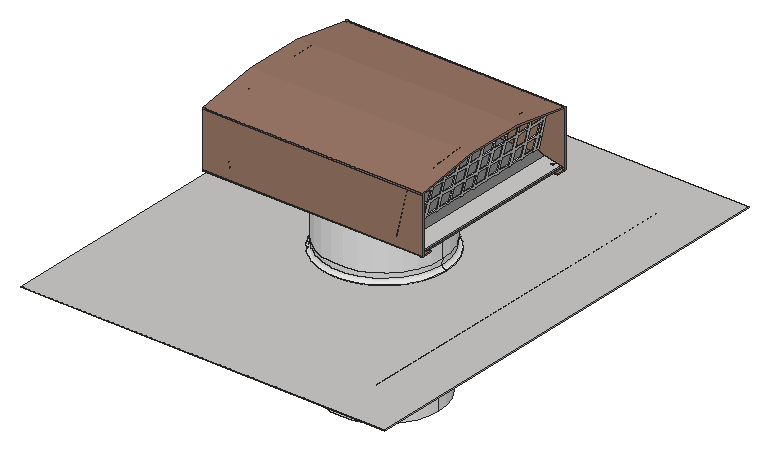
Revit family "HVAC-Other- ANJOS Ventilation-CTM 125", category Air Terminals, Revit 2024
Family settings
  Round Connector Dimension = Use Diameter
  Part Type = Normal
  Work Plane-Based = No
  Always vertical = Yes
  Cut with Voids When Loaded = No
  Maintain Annotation Orientation = No
  Shared = No
  Room Calculation Point = No
Parameters (values of type "125mm dia Terracotta Roof Terminal")
  URL = "http://www.airflow.com/"
  Part number = "90001356"
  Pressure = 100.0 Pa
  Product name = "125mm Terracotta Roof Terminal"
  Manufacturer's name = "Airflow"
  Model = "125mm Terracotta Roof Terminal"
  Product URL link = "https://www.airflow.com/product/roof-cowls-and-slates/90001356"
  Manufacturer's URL link = "http://www.airflow.com"
  Installation instructions URL link = "https://www.airflow.com/product/roof-cowls-and-slates/90001356"
  Roof height (mm) = "140"  # constant formula
  Cap height (mm) = "82"  # constant formula
  Manufacturer = "Airflow"
  Manufacturer email = "info@airflow.com"
  Material 4 = ANJ010016 4
  Materiall 3 = ANJ010016 3
  Material 2 = ANJ010016 2
  Material 1 = ANJ010016 1
  Extract air flow at 20 Pa (m3/h) = "295"  # constant formula
  Supply air flow at 20 Pa (m3/h) = "160"  # constant formula
  Flow rate = 44.44 L/s
  Lead dimensions (mm) = "500x400"  # constant formula
  Cap dimensions (mm) = "200x250"  # constant formula
  Connection diameter = 125 mm  # constant formula
  Default Elevation = 0 mm
Types (3, lengths in mm): name | URL | Part number | Product name | Model | Product URL link | Manufacturer's URL link | Installation instructions URL link | Materiall 3
  (no name) | "http://www.airflow.com/" | "90001356" | "125mm Terracotta Roof Terminal" | "125mm Terracotta Roof Terminal" | "https://www.airflow.com/product/roof-cowls-and-slates/90001356" | "http://www.airflow.com" | "https://www.airflow.com/product/roof-cowls-and-slates/90001356" | ANJ010016 3
  125mm dia Terracotta Roof Terminal | "http://www.airflow.com/" | "90001356" | "125mm Terracotta Roof Terminal" | "125mm Terracotta Roof Terminal" | "https://www.airflow.com/product/roof-cowls-and-slates/90001356" | "http://www.airflow.com" | "https://www.airflow.com/product/roof-cowls-and-slates/90001356" | ANJ010016 3
  125mm dia Slate Roof Terminal | "http://wwwairflow.com/" | "90001355" | "125mm Slate Roof Terminal" | "125mm Slate Roof Terrminal" | "https://www.airflow.com/product/roof-cowls-and-slates/90001355" | "http://wwwairflow.com/" | "https://www.airflow.com/product/roof-cowls-and-slates/90001355" | ANJ010016 3'
Reference planes
  plane 1 "Center (Front/Back)": y = 0
  plane 2: z = 0
  plane 3 "Center (Left/Right)": x = 0
Forms (mm)
  Revolve 1, solid, material "ANJ010016 1" <- "Material 1"
    sketch origin (0, 0, 231.331) x (1, 0, 0) y (0, 0, 1)
      loop
        line (60.04, -68.331) -> (60.04, -86.566)
        arc (60.04, -86.566) -> (65.48, -93.301) -> (60.04, -100.037) r 6.89
        line (60.04, -100.037) -> (60.04, -182.813)
        arc (60.04, -182.813) -> (58.507, -187.462) -> (60.04, -192.111) r 7.819
        line (60.04, -192.111) -> (60.04, -199.729)
        arc (60.04, -199.729) -> (58.436, -204.534) -> (60.04, -209.339) r 8.001
        line (60.04, -209.339) -> (60.04, -231.331) -> (61.04, -231.331) -> (61.04, -208.993)
        arc (61.04, -208.993) -> (59.436, -204.534) -> (61.04, -200.075) r 7.001
        line (61.04, -200.075) -> (61.04, -191.769)
        arc (61.04, -191.769) -> (59.507, -187.462) -> (61.04, -183.155) r 6.819
        line (61.04, -183.155) -> (61.04, -100.801)
        arc (61.04, -100.801) -> (66.48, -93.301) -> (61.04, -85.801) r 7.89
        line (61.04, -85.801) -> (61.04, -68.331) -> (60.04, -68.331)
      axis (0, -68.331) -> (0, -231.331)
    angle from 0 to 360
  Extrusion 2, solid, material "ANJ010016 3" <- "Materiall 3"
    sketch origin (0, 0, 231.331) x (0, 0, 1) y (0, -1, 0)
      loop
        arc (53.217, -99.818) -> (65.355, -0.054) -> (53.217, 99.71) r 416.053
        arc (53.217, 99.71) -> (52.621, 100.405) -> (51.71, 100.5) r 1.238
        line (51.71, 100.5) -> (-9.796, 100.5)
        arc (-9.796, 100.5) -> (-10.747, 99.806) -> (-10.75, 98.628) r 1.302
        line (-10.75, 98.628) -> (-9.75, 98.628)
        arc (-9.75, 98.628) -> (-9.761, 99.147) -> (-9.38, 99.5) r 0.632
        line (-9.38, 99.5) -> (51.491, 99.5)
        arc (51.491, 99.5) -> (52.147, 99.228) -> (52.419, 98.572) r 0.928
        arc (52.419, 98.572) -> (63.777, -0.099) -> (52.419, -98.769) r 434.27
        arc (52.419, -98.769) -> (52.284, -99.215) -> (51.912, -99.494) r 0.747
        line (51.912, -99.494) -> (-8.365, -99.494)
        arc (-8.365, -99.494) -> (-9.088, -99.491) -> (-9.75, -99.2) r 1.781
        line (-9.75, -99.2) -> (-10.75, -99.2)
        arc (-10.75, -99.2) -> (-10.609, -100.033) -> (-9.906, -100.5) r 1.062
        line (-9.906, -100.5) -> (52.46, -100.5)
        arc (52.46, -100.5) -> (52.969, -100.304) -> (53.217, -99.818) r 0.761
    from -123.6 to 123.5
  Extrusion 3, solid, material "ANJ010016 4" <- "Material 4"
    sketch origin (-39.393, 0, 261.057) x (-0.978148, 0, 0.207912) y (0, 1, 0)
      loop
        line (-163.367, -98.628) -> (-145.122, -98.628) -> (-145.122, 98.769) -> (-163.367, 98.769) -> (-163.367, -98.628)
      loop
        circle (-158.943, -94.634) r 1.745
      loop
        circle (-157.506, 94.768) r 1.744
    from 3.495 to 4.483
  Extrusion 4, solid, material "ANJ010016 4" <- "Material 4"
    sketch origin (38.393, 0, 261.057) x (0.978148, 0, 0.207912) y (0, -1, 0)
      loop
        line (-163, 98.578) -> (-163, -98.769) -> (-145.122, -98.769) -> (-145.122, 98.578) -> (-163, 98.578)
      loop
        circle (-157.496, 94.584) r 1.745
      loop
        circle (-157.506, -94.768) r 1.744
    from 3.495 to 4.698
  Extrusion 5, solid, material "ANJ010016 3" <- "Materiall 3"
    sketch origin (0, -16.5, 210.831) x (0, -1, 0) y (1, 0, 0)
      loop
        line (-105.5, -123.6) -> (-105.5, 123.5) -> (-115.7, 123.5) -> (-115.7, -123.6) -> (-105.5, -123.6)
      loop
        circle (-110.001, -56.914) r 1.765
      loop
        circle (-109.96, 0.074) r 1.724
      loop
        arc (-108.4, 57.71) -> (-110.756, 58.711) -> (-111.698, 56.33) r 1.788
        arc (-111.698, 56.33) -> (-109.359, 55.371) -> (-108.4, 57.71) r 1.788
    from 9.75 to 10.75
  Extrusion 6, solid, material "ANJ010016 3" <- "Materiall 3"
    sketch origin (0, 17.005, 210.831) x (0, -1, 0) y (1, 0, 0)
      loop
        line (105.5, -123.6) -> (115.7, -123.6) -> (115.7, 123.5) -> (105.5, 123.5) -> (105.5, -123.6)
      loop
        circle (110.001, -56.914) r 1.765
      loop
        circle (109.96, 0.074) r 1.724
      loop
        arc (108.4, 57.71) -> (109.359, 55.371) -> (111.698, 56.33) r 1.788
        arc (111.698, 56.33) -> (110.756, 58.711) -> (108.4, 57.71) r 1.788
    from 9.75 to 10.75
  Sweep 7, solid, material "ANJ010016 2" <- "Material 2"
    path origin (0, 0, 231.331) x (0, -1, 0) y (1, 0, 0)
      loop
        circle (0, 0) r 77.5
    profile origin (-77.5, 0, 231.331) x (1, 0, 0) y (0, 0, 1)
      loop
        line (18.546, 0.043) -> (18.546, -0.957)
        arc (18.546, -0.957) -> (21.416, -2.153) -> (22.589, -5.033) r 4.043
        line (22.589, -5.033) -> (23.001, -10.925) -> (24.528, -16.25) -> (25.568, -16.25) -> (23.991, -10.75) -> (23.589, -5)
        arc (23.589, -5) -> (22.112, -1.434) -> (18.546, 0.043) r 5.043
  Extrusion 8, solid, material "ANJ010016 2" <- "Material 2"
    sketch origin (0, -0.014, 227.06) x (0, -1, 0) y (1, 0, 0)
      loop
        line (92.414, -92.5) -> (92.414, 91.5) -> (-93.014, 91.5) -> (-93.014, -92.5) -> (92.414, -92.5)
      loop
        circle (0, 0) r 59
    from 3.314 to 4.271
  Extrusion 9, solid, material "ANJ010016 2" <- "Material 2"
    sketch origin (42.5, 0, 231.331) x (1, 0, 0) y (0, 0, 1)
      loop
        line (-153, -8.99) -> (-153, -9.971) -> (-135, -0.981) -> (-135, 0) -> (-153, -8.99)
    from -99.494 to 99.5
  Extrusion 10, solid, material "ANJ010016 2" <- "Material 2"
    sketch origin (42.5, 0, 212.371) x (0, -1, 0) y (1, 0, 0)
      loop
        line (98.572, -163) -> (98.572, -153) -> (-98.769, -153) -> (-98.769, -163) -> (98.572, -163)
      loop
        circle (93.573, -157) r 1.749
      loop
        circle (-93.769, -157) r 1.75
    from 9 to 9.97
  Extrusion 11, solid, material "ANJ010016 2" <- "Material 2"
    sketch origin (-43.5, 0, 231.331) x (-1, 0, 0) y (0, 0, -1)
      loop
        line (-153, 8.99) -> (-135, 0) -> (-135, 0.981) -> (-153, 9.971) -> (-153, 8.99)
    from -99.494 to 99.5
  Extrusion 12, solid, material "ANJ010016 2" <- "Material 2"
    sketch origin (-43.5, 0, 212.373) x (0, 1, 0) y (-1, 0, 0)
      loop
        line (-98.572, -163) -> (98.769, -163) -> (98.769, -153) -> (-98.572, -153) -> (-98.572, -163)
      loop
        circle (-93.573, -157) r 1.749
      loop
        circle (93.769, -157) r 1.75
    from 9 to 9.968
  Extrusion 13, solid, material "ANJ010016 4" <- "Material 4"
    sketch origin (0, 0.022, 55.646) x (0, -1, 0) y (1, 0, 0)
      loop
        line (255, -205) -> (255, 205) -> (-255, 205) -> (-255, -205) -> (255, -205)
      loop
        circle (0, 0) r 69.2
    from 87.389 to 88.289
  Extrusion 14, solid, material "ANJ010016 1" <- "Material 1"
    sketch origin (0, 0.022, 54.746) x (0, -1, 0) y (1, 0, 0)
      loop
        line (198.5, -148.5) -> (198.5, 148.5) -> (-198.5, 148.5) -> (-198.5, -148.5) -> (198.5, -148.5)
      loop
        arc (194.736, -142.739) -> (192.775, -141.261) -> (191.265, -143.227) r 1.753
        arc (191.265, -143.227) -> (193.246, -144.734) -> (194.736, -142.739) r 1.753
      loop
        circle (193, -1.8) r 1.75
      loop
        circle (193, 143) r 1.75
      loop
        circle (-21.992, 143) r 1.742
      loop
        circle (-193.007, 143) r 1.757
      loop
        arc (-191.383, 0.67) -> (-193.434, 1.681) -> (-194.77, -0.175) r 1.77
        arc (-194.77, -0.175) -> (-192.578, -1.754) -> (-191.383, 0.67) r 1.77
      loop
        arc (-191.25, -143) -> (-193.187, -141.22) -> (-194.711, -143.364) r 1.754
        arc (-194.711, -143.364) -> (-192.82, -144.708) -> (-191.25, -143) r 1.754
      loop
        arc (23.75, -143) -> (21.938, -141.239) -> (20.253, -143.122) r 1.751
        arc (20.253, -143.122) -> (22.06, -144.739) -> (23.75, -143) r 1.751
      loop
        circle (0, 0) r 67.1
    from 87.662 to 88.289
  Revolve 15, solid, material "ANJ010016 1" <- "Material 1"
    sketch origin (0, 0.001, 230.76) x (1, 0, 0) y (0, 0, 1)
      loop
        line (64.935, -3.422) -> (64.184, -3.694) -> (64.184, -79.958) -> (64.055, -81.808)
        arc (64.055, -81.808) -> (65.411, -85.826) -> (69.221, -87.689) r 5.506
        line (69.221, -87.689) -> (69.221, -86.825)
        arc (69.221, -86.825) -> (66.13, -85.225) -> (64.984, -81.939) r 4.706
        line (64.984, -81.939) -> (65.373, -76.372) -> (64.935, -3.422)
      axis (0, -3.422) -> (0, -87.689)
    angle from 0 to 360
  Extrusion 16, solid, material "ANJ010016 2" <- "Material 2"
    sketch origin (0.141, 47.453, 234.645) x (0, 0, 1) y (0, -1, 0)
      loop
        line (2, 118.5) -> (0, 118.5) -> (0, 99.241)
        arc (0, 99.241) -> (-0.803, 97.303) -> (-2.741, 96.5) r 2.741
        line (-2.741, 96.5) -> (-33, 96.5) -> (-33, 94.5) -> (-2, 94.5)
        arc (-2, 94.5) -> (0.828, 95.672) -> (2, 98.5) r 4
        line (2, 98.5) -> (2, 118.5)
    from -10.978 to 11.034
  Sweep 17, void
    path origin (-989.824, -399.306, 0) x (1, 0, 0) y (0, 1, 0)
      loop
        line (990.286, 358.96) -> (990.286, 343.96)
    profile origin (0.461, -47.846, 0) x (1, 0, 0) y (0, 0, 1)
      loop
        circle (-0.286, 212.416) r 2.5
  Extrusion 18, solid, material "ANJ010016 2" <- "Material 2"
    sketch origin (0.141, -47.453, 234.645) x (0, 0, 1) y (0, -1, 0)
      loop
        line (2, -118.5) -> (2, -98.5)
        arc (2, -98.5) -> (0.828, -95.672) -> (-2, -94.5) r 4
        line (-2, -94.5) -> (-33, -94.5) -> (-33, -96.5) -> (-2.741, -96.5)
        arc (-2.741, -96.5) -> (-0.803, -97.303) -> (0, -99.241) r 2.741
        line (0, -99.241) -> (0, -118.5) -> (2, -118.5)
    from -10.978 to 11.034
  Sweep 19, void
    path origin (-989.824, 431.806, 0) x (1, 0, 0) y (0, 1, 0)
      loop
        line (990.286, -391.46) -> (990.286, -376.46)
    profile origin (0.461, 47.846, 0) x (-1, 0, 0) y (0, 0, 1)
      loop
        circle (0.286, 212.416) r 2.5
  Extrusion 20, solid, material "ANJ010016 4" <- "Material 4"
    sketch origin (-47.966, 0, 264.484) x (0.224951, 0, 0.97437) y (0, -1, 0)
      loop
        line (33.713, 94.5) -> (33.713, 97.5) -> (19.152, 97.5) -> (19.152, 94.5) -> (33.713, 94.5)
      loop
        line (17.21, 94.5) -> (17.21, 97.5) -> (2.65, 97.5) -> (2.65, 94.5) -> (17.21, 94.5)
      loop
        line (0.708, 94.5) -> (-0.356, 94.5) -> (-0.356, 92.5) -> (0.708, 92.5) -> (0.708, 77.5) -> (-0.356, 77.5) -> (-0.356, 75.5) -> (0.708, 75.5) -> (0.708, 60.5) -> (-0.356, 60.5) -> (-0.356, 58.5) -> (0.708, 58.5) -> (0.708, 43.5) -> (-0.356, 43.5) -> (-0.356, 41.5) -> (0.708, 41.5) -> (0.708, 26.5) -> (-0.356, 26.5) -> (-0.356, 24.5) -> (0.708, 24.5) -> (0.708, 9.5) -> (-0.356, 9.5) -> (-0.356, 7.5) -> (0.708, 7.5) -> (0.708, -7.5) -> (-0.356, -7.5) -> (-0.356, -9.5) -> (0.708, -9.5) -> (0.708, -24.5) -> (-0.356, -24.5) -> (-0.356, -26.5) -> (0.708, -26.5) -> (0.708, -41.5) -> (-0.356, -41.5) -> (-0.356, -43.5) -> (0.708, -43.5) -> (0.708, -58.5) -> (-0.356, -58.5) -> (-0.356, -60.5) -> (0.708, -60.5) -> (0.708, -75.5) -> (-0.356, -75.5) -> (-0.356, -77.5) -> (0.708, -77.5) -> (0.708, -92.5) -> (-0.356, -92.5) -> (-0.356, -94.5) -> (0.708, -94.5) -> (0.708, -97.494) -> (-0.356, -97.494) -> (-0.356, -99.494) -> (52.625, -99.494)
        arc (52.625, -99.494) -> (65.408, 0.003) -> (52.624, 99.5) r 393.587
        line (52.624, 99.5) -> (-0.356, 99.5) -> (-0.356, 97.5) -> (0.708, 97.5) -> (0.708, 94.5)
      loop
        line (33.713, 92.5) -> (19.152, 92.5) -> (19.152, 77.5) -> (33.713, 77.5) -> (33.713, 92.5)
      loop
        line (17.21, 92.5) -> (2.65, 92.5) -> (2.65, 77.5) -> (17.21, 77.5) -> (17.21, 92.5)
      loop
        line (2.65, 75.5) -> (2.65, 60.5) -> (17.21, 60.5) -> (17.21, 75.5) -> (2.65, 75.5)
      loop
        line (33.665, 75.5) -> (19.152, 75.5) -> (19.152, 60.5) -> (33.665, 60.5) -> (33.665, 75.5)
      loop
        line (33.713, 26.5) -> (33.713, 41.5) -> (19.152, 41.5) -> (19.152, 26.5) -> (33.713, 26.5)
      loop
        line (17.21, 26.5) -> (17.21, 41.5) -> (2.65, 41.5) -> (2.65, 26.5) -> (17.21, 26.5)
      loop
        line (2.65, 43.5) -> (17.21, 43.5) -> (17.21, 58.5) -> (2.65, 58.5) -> (2.65, 43.5)
      loop
        line (33.665, 43.5) -> (33.665, 58.5) -> (19.152, 58.5) -> (19.152, 43.5) -> (33.665, 43.5)
      loop
        line (33.713, 24.5) -> (19.152, 24.5) -> (19.152, 9.5) -> (33.713, 9.5) -> (33.713, 24.5)
      loop
        line (17.21, 24.5) -> (2.65, 24.5) -> (2.65, 9.5) -> (17.21, 9.5) -> (17.21, 24.5)
      loop
        line (2.65, 7.5) -> (2.65, -7.5) -> (17.21, -7.5) -> (17.21, 7.5) -> (2.65, 7.5)
      loop
        line (33.665, 7.5) -> (19.152, 7.5) -> (19.152, -7.5) -> (33.665, -7.5) -> (33.665, 7.5)
      loop
        line (33.713, -41.5) -> (33.713, -26.5) -> (19.152, -26.5) -> (19.152, -41.5) -> (33.713, -41.5)
      loop
        line (17.21, -41.5) -> (17.21, -26.5) -> (2.65, -26.5) -> (2.65, -41.5) -> (17.21, -41.5)
      loop
        line (2.65, -24.5) -> (17.21, -24.5) -> (17.21, -9.5) -> (2.65, -9.5) -> (2.65, -24.5)
      loop
        line (33.713, -24.5) -> (33.713, -9.5) -> (19.152, -9.5) -> (19.152, -24.5) -> (33.713, -24.5)
      loop
        line (33.713, -43.5) -> (19.152, -43.5) -> (19.152, -58.5) -> (33.713, -58.5) -> (33.713, -43.5)
      loop
        line (17.21, -43.5) -> (2.65, -43.5) -> (2.65, -58.5) -> (17.21, -58.5) -> (17.21, -43.5)
      loop
        line (2.65, -60.5) -> (2.65, -75.5) -> (17.21, -75.5) -> (17.21, -60.5) -> (2.65, -60.5)
      loop
        line (33.713, -60.5) -> (19.152, -60.5) -> (19.152, -75.5) -> (33.713, -75.5) -> (33.713, -60.5)
      loop
        line (33.713, -97.494) -> (33.713, -94.5) -> (19.152, -94.5) -> (19.152, -97.494) -> (33.713, -97.494)
      loop
        line (17.21, -97.494) -> (17.21, -94.5) -> (2.65, -94.5) -> (2.65, -97.494) -> (17.21, -97.494)
      loop
        line (2.65, -92.5) -> (17.21, -92.5) -> (17.21, -77.5) -> (2.65, -77.5) -> (2.65, -92.5)
      loop
        line (33.713, -92.5) -> (33.713, -77.5) -> (19.152, -77.5) -> (19.152, -92.5) -> (33.713, -92.5)
      loop
        line (48.981, 97.5) -> (35.654, 97.5) -> (35.654, 94.5) -> (48.981, 94.5) -> (48.981, 97.5)
      loop
        line (52.707, 92.5) -> (35.658, 92.5) -> (35.658, 77.5) -> (52.707, 77.5) -> (52.707, 92.5)
      loop
        line (54.695, 75.5) -> (35.654, 75.5) -> (35.654, 60.5) -> (54.695, 60.5) -> (54.695, 75.5)
      loop
        line (60.126, 58.5) -> (35.654, 58.5) -> (35.654, 43.5) -> (60.126, 43.5) -> (60.126, 58.5)
      loop
        line (61.067, 41.5) -> (35.654, 41.5) -> (35.654, 26.5) -> (61.067, 26.5) -> (61.067, 41.5)
      loop
        line (61.834, 24.5) -> (35.654, 24.5) -> (35.654, 9.5) -> (61.834, 9.5) -> (61.834, 24.5)
      loop
        line (62.32, 7.5) -> (35.654, 7.5) -> (35.654, -7.5) -> (62.32, -7.5) -> (62.32, 7.5)
      loop
        line (35.654, -9.5) -> (35.654, -24.5) -> (61.873, -24.5) -> (61.873, -9.5) -> (35.654, -9.5)
      loop
        line (35.654, -26.5) -> (35.654, -41.5) -> (61.067, -41.5) -> (61.067, -26.5) -> (35.654, -26.5)
      loop
        line (60.126, -43.5) -> (35.654, -43.5) -> (35.654, -58.5) -> (60.126, -58.5) -> (60.126, -43.5)
      loop
        line (54.695, -60.5) -> (35.654, -60.5) -> (35.654, -75.5) -> (54.695, -75.5) -> (54.695, -60.5)
      loop
        line (52.707, -77.5) -> (35.654, -77.5) -> (35.654, -92.5) -> (52.707, -92.5) -> (52.707, -77.5)
      loop
        line (48.981, -94.5) -> (35.654, -94.5) -> (35.654, -97.494) -> (48.981, -97.494) -> (48.981, -94.5)
    from 144.44 to 145.528
  Extrusion 21, solid, material "ANJ010016 4" <- "Material 4"
    sketch origin (47.966, 0, 264.484) x (-0.224951, 0, 0.97437) y (0, 1, 0)
      loop
        line (33.713, -94.5) -> (19.152, -94.5) -> (19.152, -97.5) -> (33.713, -97.5) -> (33.713, -94.5)
      loop
        line (17.21, -94.5) -> (2.65, -94.5) -> (2.65, -97.5) -> (17.21, -97.5) -> (17.21, -94.5)
      loop
        line (0.708, -94.5) -> (0.708, -97.5) -> (-0.356, -97.5) -> (-0.356, -99.5) -> (52.624, -99.5)
        arc (52.624, -99.5) -> (65.408, -0.003) -> (52.625, 99.494) r 393.587
        line (52.625, 99.494) -> (-0.356, 99.494) -> (-0.356, 97.494) -> (0.708, 97.494) -> (0.708, 94.5) -> (-0.356, 94.5) -> (-0.356, 92.5) -> (0.708, 92.5) -> (0.708, 77.5) -> (-0.356, 77.5) -> (-0.356, 75.5) -> (0.708, 75.5) -> (0.708, 60.5) -> (-0.356, 60.5) -> (-0.356, 58.5) -> (0.708, 58.5) -> (0.708, 43.5) -> (-0.356, 43.5) -> (-0.356, 41.5) -> (0.708, 41.5) -> (0.708, 26.5) -> (-0.356, 26.5) -> (-0.356, 24.5) -> (0.708, 24.5) -> (0.708, 9.5) -> (-0.356, 9.5) -> (-0.356, 7.5) -> (0.708, 7.5) -> (0.708, -7.5) -> (-0.356, -7.5) -> (-0.356, -9.5) -> (0.708, -9.5) -> (0.708, -24.5) -> (-0.356, -24.5) -> (-0.356, -26.5) -> (0.708, -26.5) -> (0.708, -41.5) -> (-0.356, -41.5) -> (-0.356, -43.5) -> (0.708, -43.5) -> (0.708, -58.5) -> (-0.356, -58.5) -> (-0.356, -60.5) -> (0.708, -60.5) -> (0.708, -75.5) -> (-0.356, -75.5) -> (-0.356, -77.5) -> (0.708, -77.5) -> (0.708, -92.5) -> (-0.356, -92.5) -> (-0.356, -94.5) -> (0.708, -94.5)
      loop
        line (33.713, -92.5) -> (33.713, -77.5) -> (19.152, -77.5) -> (19.152, -92.5) -> (33.713, -92.5)
      loop
        line (17.21, -92.5) -> (17.21, -77.5) -> (2.65, -77.5) -> (2.65, -92.5) -> (17.21, -92.5)
      loop
        line (2.65, -75.5) -> (17.21, -75.5) -> (17.21, -60.5) -> (2.65, -60.5) -> (2.65, -75.5)
      loop
        line (33.665, -75.5) -> (33.665, -60.5) -> (19.152, -60.5) -> (19.152, -75.5) -> (33.665, -75.5)
      loop
        line (33.713, -26.5) -> (19.152, -26.5) -> (19.152, -41.5) -> (33.713, -41.5) -> (33.713, -26.5)
      loop
        line (17.21, -26.5) -> (2.65, -26.5) -> (2.65, -41.5) -> (17.21, -41.5) -> (17.21, -26.5)
      loop
        line (2.65, -43.5) -> (2.65, -58.5) -> (17.21, -58.5) -> (17.21, -43.5) -> (2.65, -43.5)
      loop
        line (33.665, -43.5) -> (19.152, -43.5) -> (19.152, -58.5) -> (33.665, -58.5) -> (33.665, -43.5)
      loop
        line (33.713, -24.5) -> (33.713, -9.5) -> (19.152, -9.5) -> (19.152, -24.5) -> (33.713, -24.5)
      loop
        line (17.21, -24.5) -> (17.21, -9.5) -> (2.65, -9.5) -> (2.65, -24.5) -> (17.21, -24.5)
      loop
        line (2.65, -7.5) -> (17.21, -7.5) -> (17.21, 7.5) -> (2.65, 7.5) -> (2.65, -7.5)
      loop
        line (33.665, -7.5) -> (33.665, 7.5) -> (19.152, 7.5) -> (19.152, -7.5) -> (33.665, -7.5)
      loop
        line (33.713, 41.5) -> (19.152, 41.5) -> (19.152, 26.5) -> (33.713, 26.5) -> (33.713, 41.5)
      loop
        line (17.21, 41.5) -> (2.65, 41.5) -> (2.65, 26.5) -> (17.21, 26.5) -> (17.21, 41.5)
      loop
        line (2.65, 24.5) -> (2.65, 9.5) -> (17.21, 9.5) -> (17.21, 24.5) -> (2.65, 24.5)
      loop
        line (33.713, 24.5) -> (19.152, 24.5) -> (19.152, 9.5) -> (33.713, 9.5) -> (33.713, 24.5)
      loop
        line (33.713, 43.5) -> (33.713, 58.5) -> (19.152, 58.5) -> (19.152, 43.5) -> (33.713, 43.5)
      loop
        line (17.21, 43.5) -> (17.21, 58.5) -> (2.65, 58.5) -> (2.65, 43.5) -> (17.21, 43.5)
      loop
        line (2.65, 60.5) -> (17.21, 60.5) -> (17.21, 75.5) -> (2.65, 75.5) -> (2.65, 60.5)
      loop
        line (33.713, 60.5) -> (33.713, 75.5) -> (19.152, 75.5) -> (19.152, 60.5) -> (33.713, 60.5)
      loop
        line (33.713, 97.494) -> (19.152, 97.494) -> (19.152, 94.5) -> (33.713, 94.5) -> (33.713, 97.494)
      loop
        line (17.21, 97.494) -> (2.65, 97.494) -> (2.65, 94.5) -> (17.21, 94.5) -> (17.21, 97.494)
      loop
        line (2.65, 92.5) -> (2.65, 77.5) -> (17.21, 77.5) -> (17.21, 92.5) -> (2.65, 92.5)
      loop
        line (33.713, 92.5) -> (19.152, 92.5) -> (19.152, 77.5) -> (33.713, 77.5) -> (33.713, 92.5)
      loop
        line (48.981, -97.5) -> (48.981, -94.5) -> (35.654, -94.5) -> (35.654, -97.5) -> (48.981, -97.5)
      loop
        line (52.707, -92.5) -> (52.707, -77.5) -> (35.658, -77.5) -> (35.658, -92.5) -> (52.707, -92.5)
      loop
        line (54.695, -75.5) -> (54.695, -60.5) -> (35.654, -60.5) -> (35.654, -75.5) -> (54.695, -75.5)
      loop
        line (60.126, -58.5) -> (60.126, -43.5) -> (35.654, -43.5) -> (35.654, -58.5) -> (60.126, -58.5)
      loop
        line (61.067, -41.5) -> (61.067, -26.5) -> (35.654, -26.5) -> (35.654, -41.5) -> (61.067, -41.5)
      loop
        line (61.834, -24.5) -> (61.834, -9.5) -> (35.654, -9.5) -> (35.654, -24.5) -> (61.834, -24.5)
      loop
        line (62.32, -7.5) -> (62.32, 7.5) -> (35.654, 7.5) -> (35.654, -7.5) -> (62.32, -7.5)
      loop
        line (35.654, 9.5) -> (61.873, 9.5) -> (61.873, 24.5) -> (35.654, 24.5) -> (35.654, 9.5)
      loop
        line (35.654, 26.5) -> (61.067, 26.5) -> (61.067, 41.5) -> (35.654, 41.5) -> (35.654, 26.5)
      loop
        line (60.126, 43.5) -> (60.126, 58.5) -> (35.654, 58.5) -> (35.654, 43.5) -> (60.126, 43.5)
      loop
        line (54.695, 60.5) -> (54.695, 75.5) -> (35.654, 75.5) -> (35.654, 60.5) -> (54.695, 60.5)
      loop
        line (52.707, 77.5) -> (52.707, 92.5) -> (35.654, 92.5) -> (35.654, 77.5) -> (52.707, 77.5)
      loop
        line (48.981, 94.5) -> (48.981, 97.494) -> (35.654, 97.494) -> (35.654, 94.5) -> (48.981, 94.5)
    from 144.44 to 145.528
Cuts and joins
  Sweep 17, Sweep 19 cuts Extrusion 16
  Sweep 19 cuts Extrusion 18
Connectors
  hvac at (0, 0, 0), driven by "Connection diameter", driven by "Flow rate", driven by "Pressure"
    settings: on level, index 1, duct flow 44.44 L/s, flow factor 0, pres drop 100.0 Pa, loss coef 0, conn angle 0.00°, conn width 304.8 mm, conn height 304.8 mm, conn diameter 125 mm, duct sys type 4, conn prof type 0, flow config 0, flow direction 0, loss method 4, conn ref index -1, conn util no, is conn primary yes, conn desc ""
